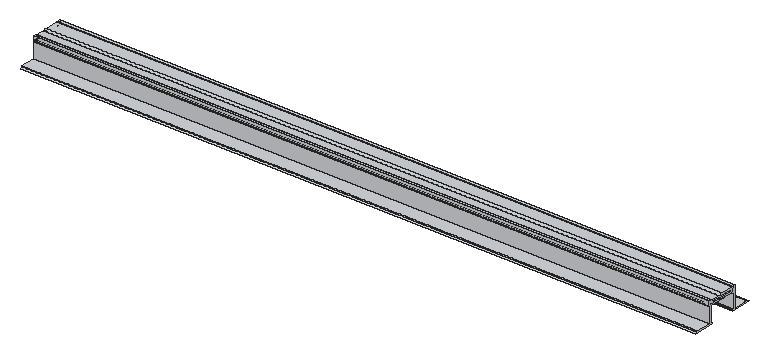
Revit family "NJunta Pro Metal 100", category Modelos genéricos, Revit 2024
Family settings
  Puede alojar armadura = No
  Cota de conector redondo = Usar diámetro
  Tipo de pieza = Normal
  Corte con vacíos al cargar = No
  Mantener orientación de anotación = No
  Compartido = No
  Punto de cálculo de habitación = No
Parameters
  Posición Junta [instance] = Enrasada/Perimetral : Enrasada
  Perimetral [instance] = Enrasada/Perimetral : Perimetral
  Novojunta Pro Metal 100, a=100mm, h=80mm Perimetral [instance] = if(and(Posición Junta = Perimetral, Altura = Altura 80mm), 1 = 1, 1 = 0)  # no
  Novojunta Pro Metal 100, a=100mm, h=50mm Perimetral [instance] = if(and(Posición Junta = Perimetral, Altura = Altura 50mm), 1 = 1, 1 = 0)  # no
  Novojunta Pro Metal 100, a=100mm, h=35mm Perimetral [instance] = if(and(Posición Junta = Perimetral, Altura = Altura 35mm), 1 = 1, 1 = 0)  # no
  Novojunta Pro Metal 100, a=100mm, h=80mm Enrasada [instance] = if(and(Posición Junta = Enrasada, Altura = Altura 80mm), 1 = 1, 1 = 0)  # yes
  Novojunta Pro Metal 100, a=100mm, h=50mm  Enrasada [instance] = if(and(Posición Junta = Enrasada, Altura = Altura 50mm), 1 = 1, 1 = 0)  # no
  Novojunta Pro Metal 100, a=100mm, h=35mm Enrasada [instance] = if(and(Posición Junta = Enrasada, Altura = Altura 35mm), 1 = 1, 1 = 0)  # no
  Novojunta Pro Metal 100, a=100mm, h=22mm Perimetral [instance] = if(and(Posición Junta = Perimetral, Altura = Altura 22mm), 1 = 1, 1 = 0)  # no
  Novojunta Pro Metal 100, a=100mm, h=22mm Enrasada [instance] = if(and(Posición Junta = Enrasada, Altura = Altura 22mm), 1 = 1, 1 = 0)  # no
  built-in parameter 1001306 [instance] = 2500 mm
  Enrasada [instance] = Enrasada/Perimetral : Enrasada
  Default Elevation = 0 mm
  Anchura [instance] = 100 mm
  Altura 80mm [instance] = Altura : Altura 80mm
  Altura 50mm [instance] = Altura : Altura 50mm
  Altura 35mm [instance] = Altura : Altura 35mm
  Altura 22mm [instance] = Altura : Altura 22mm
  Altura [instance] = Altura : Altura 80mm
Reference planes
  plane 1 "Center (Front/Back)": y = 0
  plane 2: z = 0
  plane 3 "Left": x = 0
  plane 4 "Right": x = 2500
Forms (mm)
  Extrusion 1, solid, visible <- "Novojunta Pro Metal 100, a=100mm, h=22mm Perimetral"
    sketch origin (0, 63.79, -36.355) x (0, 1, 0) y (0, 0, 1)
      loop
        line (-3.037, 29.501) -> (-8.537, 29.501)
        arc (-8.537, 29.501) -> (-14.91, 27.501) -> (-8.537, 25.501) r 3.5
        line (-8.537, 25.501) -> (-3.037, 25.501)
        arc (-3.037, 25.501) -> (-6.185, 20.66) -> (-11.684, 18.898) r 8.608
        line (-11.684, 18.898) -> (-11.684, 17.598) -> (-7.537, 14.801) -> (60.054, 14.801) -> (54.963, 17.601) -> (0.963, 17.601) -> (0.963, 36.801) -> (-9.062, 36.801)
        arc (-9.062, 36.801) -> (-9.557, 36.366) -> (-9.191, 35.818) r 0.5
        arc (-9.191, 35.818) -> (-5.244, 33.507) -> (-3.037, 29.501) r 8.608
      loop
        arc (-103.172, 35.894) -> (-107.102, 35.174) -> (-110.256, 32.721) r 8.408
        line (-110.256, 32.721) -> (-105.781, 30.536)
        arc (-105.781, 30.536) -> (-99.965, 27.499) -> (-105.783, 24.467) r 3.7
        line (-105.783, 24.467) -> (-110.26, 22.286)
        arc (-110.26, 22.286) -> (-107.379, 19.958) -> (-103.777, 19.094) r 8.408
        line (-103.777, 19.094) -> (-51.788, 18.628)
        arc (-51.788, 18.628) -> (-48.256, 19.169) -> (-44.799, 20.067) r 35
        arc (-44.799, 20.067) -> (-44.514, 20.458) -> (-44.901, 20.748) r 0.344
        line (-44.901, 20.748) -> (-94.874, 23.686) -> (-94.51, 29.875) -> (-43.598, 26.882) -> (-43.275, 32.372) -> (-103.172, 35.894)
      loop
        arc (-11.903, 19.108) -> (-7.973, 19.828) -> (-4.819, 22.281) r 8.408
        line (-4.819, 22.281) -> (-9.294, 24.466)
        arc (-9.294, 24.466) -> (-15.11, 27.503) -> (-9.291, 30.535) r 3.7
        line (-9.291, 30.535) -> (-4.814, 32.716)
        arc (-4.814, 32.716) -> (-7.695, 35.044) -> (-11.297, 35.908) r 8.408
        line (-11.297, 35.908) -> (-63.287, 36.374)
        arc (-63.287, 36.374) -> (-66.818, 35.833) -> (-70.276, 34.935) r 35
        arc (-70.276, 34.935) -> (-70.561, 34.544) -> (-70.173, 34.254) r 0.344
        line (-70.173, 34.254) -> (-20.207, 31.216) -> (-20.559, 25.226) -> (-71.471, 28.22) -> (-71.8, 22.63) -> (-11.903, 19.108)
      loop
        arc (-113.537, 83.895) -> (-114.125, 86.277) -> (-115.754, 88.113) r 5.122
        arc (-115.754, 88.113) -> (-116.27, 88.144) -> (-116.537, 87.701) r 0.5
        line (-116.537, 87.701) -> (-116.537, 18.201) -> (-106.013, 18.201)
        arc (-106.013, 18.201) -> (-105.517, 18.636) -> (-105.884, 19.184) r 0.5
        arc (-105.884, 19.184) -> (-109.831, 21.495) -> (-112.037, 25.501) r 8.608
        line (-112.037, 25.501) -> (-106.537, 25.501)
        arc (-106.537, 25.501) -> (-100.165, 27.501) -> (-106.537, 29.501) r 3.5
        line (-106.537, 29.501) -> (-112.037, 29.501)
        arc (-112.037, 29.501) -> (-109.833, 33.506) -> (-105.888, 35.817) r 8.608
        arc (-105.888, 35.817) -> (-105.522, 36.365) -> (-106.017, 36.8) r 0.5
        line (-106.017, 36.8) -> (-112.537, 36.8) -> (-113.537, 37.8) -> (-113.537, 83.895)
    from 0 to 2500
  Extrusion 2, solid, visible <- "Novojunta Pro Metal 100, a=100mm, h=22mm Enrasada"
    sketch origin (0, 63.79, -36.355) x (0, 1, 0) y (0, 0, 1)
      loop
        line (-3.037, 29.501) -> (-8.537, 29.501)
        arc (-8.537, 29.501) -> (-14.91, 27.501) -> (-8.537, 25.501) r 3.5
        line (-8.537, 25.501) -> (-3.037, 25.501)
        arc (-3.037, 25.501) -> (-6.185, 20.66) -> (-11.684, 18.898) r 8.608
        line (-11.684, 18.898) -> (-11.684, 17.598) -> (-7.537, 14.801) -> (60.054, 14.801) -> (54.963, 17.601) -> (0.963, 17.601) -> (0.963, 36.801) -> (-9.062, 36.801)
        arc (-9.062, 36.801) -> (-9.557, 36.366) -> (-9.191, 35.818) r 0.5
        arc (-9.191, 35.818) -> (-5.244, 33.507) -> (-3.037, 29.501) r 8.608
      loop
        arc (-105.884, 35.818) -> (-105.517, 36.366) -> (-106.013, 36.801) r 0.5
        line (-106.013, 36.801) -> (-116.037, 36.801) -> (-116.037, 17.601) -> (-170.037, 17.601) -> (-175.128, 14.801) -> (-107.537, 14.801) -> (-103.39, 17.598) -> (-103.39, 18.898)
        arc (-103.39, 18.898) -> (-108.889, 20.66) -> (-112.037, 25.501) r 8.608
        line (-112.037, 25.501) -> (-106.537, 25.501)
        arc (-106.537, 25.501) -> (-100.165, 27.501) -> (-106.537, 29.501) r 3.5
        line (-106.537, 29.501) -> (-112.037, 29.501)
        arc (-112.037, 29.501) -> (-109.831, 33.507) -> (-105.884, 35.818) r 8.608
      loop
        arc (-103.172, 35.894) -> (-107.102, 35.174) -> (-110.256, 32.721) r 8.408
        line (-110.256, 32.721) -> (-105.781, 30.536)
        arc (-105.781, 30.536) -> (-99.965, 27.499) -> (-105.783, 24.467) r 3.7
        line (-105.783, 24.467) -> (-110.26, 22.286)
        arc (-110.26, 22.286) -> (-107.379, 19.958) -> (-103.777, 19.094) r 8.408
        line (-103.777, 19.094) -> (-51.788, 18.628)
        arc (-51.788, 18.628) -> (-48.256, 19.169) -> (-44.799, 20.067) r 35
        arc (-44.799, 20.067) -> (-44.514, 20.458) -> (-44.901, 20.748) r 0.344
        line (-44.901, 20.748) -> (-94.874, 23.686) -> (-94.51, 29.875) -> (-43.598, 26.882) -> (-43.275, 32.372) -> (-103.172, 35.894)
      loop
        arc (-11.903, 19.108) -> (-7.973, 19.828) -> (-4.819, 22.281) r 8.408
        line (-4.819, 22.281) -> (-9.294, 24.466)
        arc (-9.294, 24.466) -> (-15.11, 27.503) -> (-9.291, 30.535) r 3.7
        line (-9.291, 30.535) -> (-4.814, 32.716)
        arc (-4.814, 32.716) -> (-7.695, 35.044) -> (-11.297, 35.908) r 8.408
        line (-11.297, 35.908) -> (-63.287, 36.374)
        arc (-63.287, 36.374) -> (-66.818, 35.833) -> (-70.276, 34.935) r 35
        arc (-70.276, 34.935) -> (-70.561, 34.544) -> (-70.173, 34.254) r 0.344
        line (-70.173, 34.254) -> (-20.207, 31.216) -> (-20.559, 25.226) -> (-71.471, 28.22) -> (-71.8, 22.63) -> (-11.903, 19.108)
    from 0 to 2500
  Extrusion 3, solid, visible <- "Novojunta Pro Metal 100, a=100mm, h=35mm Perimetral"
    sketch origin (0, 81.878, -12.682) x (0, 1, 0) y (0, 0, 1)
      loop
        line (-23.625, -9.42) -> (-23.625, -18.072) -> (-26.425, -19.772) -> (-26.425, -21.872) -> (44.775, -21.872) -> (38.775, -18.872) -> (-18.425, -18.872) -> (-20.425, -16.872) -> (-20.425, -7.19)
        arc (-20.425, -7.19) -> (-20.3, -6.412) -> (-19.941, -5.712) r 2.5
        line (-19.941, -5.712) -> (-17.609, -2.532)
        arc (-17.609, -2.532) -> (-17.249, -1.831) -> (-17.125, -1.053) r 2.5
        line (-17.125, -1.053) -> (-17.125, 13.128) -> (-27.649, 13.128)
        arc (-27.649, 13.128) -> (-28.145, 12.693) -> (-27.778, 12.145) r 0.5
        arc (-27.778, 12.145) -> (-23.831, 9.835) -> (-21.625, 5.828) r 8.608
        line (-21.625, 5.828) -> (-27.125, 5.828)
        arc (-27.125, 5.828) -> (-33.497, 3.828) -> (-27.125, 1.828) r 3.5
        line (-27.125, 1.828) -> (-21.625, 1.828)
        arc (-21.625, 1.828) -> (-24.287, -2.613) -> (-29.016, -4.723) r 8.608
        arc (-29.016, -4.723) -> (-29.702, -5.331) -> (-29.368, -6.184) r 0.8
        line (-29.368, -6.184) -> (-25.04, -7.507)
        arc (-25.04, -7.507) -> (-24.017, -8.23) -> (-23.625, -9.42) r 2
      loop
        arc (-30.487, -4.565) -> (-26.557, -3.844) -> (-23.404, -1.389) r 8.408
        line (-23.404, -1.389) -> (-27.88, 0.794)
        arc (-27.88, 0.794) -> (-33.697, 3.829) -> (-27.88, 6.863) r 3.7
        line (-27.88, 6.863) -> (-23.404, 9.046)
        arc (-23.404, 9.046) -> (-26.286, 11.373) -> (-29.888, 12.236) r 8.408
        line (-29.888, 12.236) -> (-81.878, 12.682)
        arc (-81.878, 12.682) -> (-85.409, 12.14) -> (-88.866, 11.24) r 35
        arc (-88.866, 11.24) -> (-89.151, 10.849) -> (-88.763, 10.559) r 0.344
        line (-88.763, 10.559) -> (-38.789, 7.64) -> (-39.145, 1.55) -> (-90.064, 4.425) -> (-90.385, -1.066) -> (-30.487, -4.565)
      loop
        arc (-122.362, 12.222) -> (-126.292, 11.5) -> (-129.445, 9.046) r 8.408
        line (-129.445, 9.046) -> (-124.969, 6.863)
        arc (-124.969, 6.863) -> (-119.152, 3.828) -> (-124.969, 0.794) r 3.7
        line (-124.969, 0.794) -> (-129.445, -1.389)
        arc (-129.445, -1.389) -> (-126.564, -3.716) -> (-122.961, -4.579) r 8.408
        line (-122.961, -4.579) -> (-70.971, -5.025)
        arc (-70.971, -5.025) -> (-67.44, -4.483) -> (-63.983, -3.584) r 35
        arc (-63.983, -3.584) -> (-63.698, -3.192) -> (-64.086, -2.903) r 0.344
        line (-64.086, -2.903) -> (-114.06, 0.017) -> (-113.704, 6.107) -> (-62.791, 3.132) -> (-62.464, 8.722) -> (-122.362, 12.222)
      loop
        arc (-132.725, 60.222) -> (-133.312, 62.604) -> (-134.941, 64.44) r 5.122
        arc (-134.941, 64.44) -> (-135.457, 64.471) -> (-135.725, 64.028) r 0.5
        line (-135.725, 64.028) -> (-135.725, -5.472) -> (-125.2, -5.472)
        arc (-125.2, -5.472) -> (-124.704, -5.037) -> (-125.071, -4.489) r 0.5
        arc (-125.071, -4.489) -> (-129.018, -2.178) -> (-131.225, 1.828) r 8.608
        line (-131.225, 1.828) -> (-125.725, 1.828)
        arc (-125.725, 1.828) -> (-119.352, 3.828) -> (-125.725, 5.828) r 3.5
        line (-125.725, 5.828) -> (-131.225, 5.828)
        arc (-131.225, 5.828) -> (-129.02, 9.833) -> (-125.075, 12.144) r 8.608
        arc (-125.075, 12.144) -> (-124.709, 12.692) -> (-125.205, 13.127) r 0.5
        line (-125.205, 13.127) -> (-131.725, 13.127) -> (-132.725, 14.127) -> (-132.725, 60.222)
    from 0 to 2500
  Extrusion 4, solid, visible <- "Novojunta Pro Metal 100, a=100mm, h=35mm Enrasada"
    sketch origin (0, 81.878, -12.682) x (0, 1, 0) y (0, 0, 1)
      loop
        line (-23.625, -9.42) -> (-23.625, -18.072) -> (-26.425, -19.772) -> (-26.425, -21.872) -> (44.775, -21.872) -> (38.775, -18.872) -> (-18.425, -18.872) -> (-20.425, -16.872) -> (-20.425, -7.19)
        arc (-20.425, -7.19) -> (-20.3, -6.412) -> (-19.941, -5.712) r 2.5
        line (-19.941, -5.712) -> (-17.609, -2.532)
        arc (-17.609, -2.532) -> (-17.249, -1.831) -> (-17.125, -1.053) r 2.5
        line (-17.125, -1.053) -> (-17.125, 13.128) -> (-27.649, 13.128)
        arc (-27.649, 13.128) -> (-28.145, 12.693) -> (-27.778, 12.145) r 0.5
        arc (-27.778, 12.145) -> (-23.831, 9.835) -> (-21.625, 5.828) r 8.608
        line (-21.625, 5.828) -> (-27.125, 5.828)
        arc (-27.125, 5.828) -> (-33.497, 3.828) -> (-27.125, 1.828) r 3.5
        line (-27.125, 1.828) -> (-21.625, 1.828)
        arc (-21.625, 1.828) -> (-24.287, -2.613) -> (-29.016, -4.723) r 8.608
        arc (-29.016, -4.723) -> (-29.702, -5.331) -> (-29.368, -6.184) r 0.8
        line (-29.368, -6.184) -> (-25.04, -7.507)
        arc (-25.04, -7.507) -> (-24.017, -8.23) -> (-23.625, -9.42) r 2
      loop
        arc (-123.482, -6.184) -> (-123.147, -5.331) -> (-123.833, -4.723) r 0.8
        arc (-123.833, -4.723) -> (-128.562, -2.613) -> (-131.225, 1.828) r 8.608
        line (-131.225, 1.828) -> (-125.725, 1.828)
        arc (-125.725, 1.828) -> (-119.352, 3.828) -> (-125.725, 5.828) r 3.5
        line (-125.725, 5.828) -> (-131.225, 5.828)
        arc (-131.225, 5.828) -> (-129.018, 9.835) -> (-125.071, 12.145) r 8.608
        arc (-125.071, 12.145) -> (-124.704, 12.693) -> (-125.2, 13.128) r 0.5
        line (-125.2, 13.128) -> (-135.725, 13.128) -> (-135.725, -1.053)
        arc (-135.725, -1.053) -> (-135.6, -1.831) -> (-135.241, -2.532) r 2.5
        line (-135.241, -2.532) -> (-132.909, -5.712)
        arc (-132.909, -5.712) -> (-132.549, -6.412) -> (-132.425, -7.19) r 2.5
        line (-132.425, -7.19) -> (-132.425, -16.872) -> (-134.425, -18.872) -> (-191.625, -18.872) -> (-197.625, -21.872) -> (-126.425, -21.872) -> (-126.425, -19.772) -> (-129.225, -18.072) -> (-129.225, -9.42)
        arc (-129.225, -9.42) -> (-128.832, -8.23) -> (-127.809, -7.507) r 2
        line (-127.809, -7.507) -> (-123.482, -6.184)
      loop
        arc (-30.487, -4.565) -> (-26.557, -3.844) -> (-23.404, -1.389) r 8.408
        line (-23.404, -1.389) -> (-27.88, 0.794)
        arc (-27.88, 0.794) -> (-33.697, 3.829) -> (-27.88, 6.863) r 3.7
        line (-27.88, 6.863) -> (-23.404, 9.046)
        arc (-23.404, 9.046) -> (-26.286, 11.373) -> (-29.888, 12.236) r 8.408
        line (-29.888, 12.236) -> (-81.878, 12.682)
        arc (-81.878, 12.682) -> (-85.409, 12.14) -> (-88.866, 11.24) r 35
        arc (-88.866, 11.24) -> (-89.151, 10.849) -> (-88.763, 10.559) r 0.344
        line (-88.763, 10.559) -> (-38.795, 7.54) -> (-39.145, 1.55) -> (-90.058, 4.525) -> (-90.385, -1.066) -> (-30.487, -4.565)
      loop
        arc (-122.362, 12.222) -> (-126.292, 11.5) -> (-129.445, 9.046) r 8.408
        line (-129.445, 9.046) -> (-124.969, 6.863)
        arc (-124.969, 6.863) -> (-119.152, 3.828) -> (-124.969, 0.794) r 3.7
        line (-124.969, 0.794) -> (-129.445, -1.389)
        arc (-129.445, -1.389) -> (-126.564, -3.716) -> (-122.961, -4.579) r 8.408
        line (-122.961, -4.579) -> (-70.971, -5.025)
        arc (-70.971, -5.025) -> (-67.44, -4.483) -> (-63.983, -3.584) r 35
        arc (-63.983, -3.584) -> (-63.698, -3.192) -> (-64.086, -2.903) r 0.344
        line (-64.086, -2.903) -> (-114.06, 0.017) -> (-113.698, 6.206) -> (-62.791, 3.132) -> (-62.464, 8.722) -> (-122.362, 12.222)
    from 0 to 2500
  Extrusion 5, solid, visible <- "Novojunta Pro Metal 100, a=100mm, h=50mm Perimetral"
    sketch origin (0, 66.283, -24.272) x (0, 1, 0) y (0, 0, 1)
      loop
        arc (-107.887, 5.406) -> (-107.553, 6.259) -> (-108.239, 6.867) r 0.8
        arc (-108.239, 6.867) -> (-112.968, 8.977) -> (-115.63, 13.418) r 8.608
        line (-115.63, 13.418) -> (-110.13, 13.418)
        arc (-110.13, 13.418) -> (-103.758, 15.418) -> (-110.13, 17.418) r 3.5
        line (-110.13, 17.418) -> (-115.63, 17.418)
        arc (-115.63, 17.418) -> (-113.424, 21.425) -> (-109.477, 23.735) r 8.608
        arc (-109.477, 23.735) -> (-109.11, 24.283) -> (-109.606, 24.718) r 0.5
        line (-109.606, 24.718) -> (-120.13, 24.718) -> (-120.13, 10.475)
        arc (-120.13, 10.475) -> (-120.023, 9.751) -> (-119.71, 9.088) r 2.5
        line (-119.71, 9.088) -> (-117.55, 5.848)
        arc (-117.55, 5.848) -> (-117.238, 5.186) -> (-117.13, 4.461) r 2.5
        line (-117.13, 4.461) -> (-117.13, -20.282) -> (-119.13, -22.282) -> (-176.03, -22.282) -> (-182.03, -25.282) -> (-110.83, -25.282) -> (-110.83, -23.182) -> (-113.63, -21.482) -> (-113.63, 2.17)
        arc (-113.63, 2.17) -> (-113.238, 3.36) -> (-112.215, 4.082) r 2
        line (-112.215, 4.082) -> (-107.887, 5.406)
      loop
        arc (-14.893, 7.025) -> (-10.963, 7.746) -> (-7.81, 10.201) r 8.408
        line (-7.81, 10.201) -> (-12.286, 12.384)
        arc (-12.286, 12.384) -> (-18.103, 15.419) -> (-12.285, 18.453) r 3.7
        line (-12.285, 18.453) -> (-7.809, 20.636)
        arc (-7.809, 20.636) -> (-10.691, 22.963) -> (-14.293, 23.825) r 8.408
        line (-14.293, 23.825) -> (-66.283, 24.272)
        arc (-66.283, 24.272) -> (-69.814, 23.73) -> (-73.272, 22.83) r 35
        arc (-73.272, 22.83) -> (-73.557, 22.439) -> (-73.169, 22.149) r 0.344
        line (-73.169, 22.149) -> (-23.195, 19.23) -> (-23.557, 13.04) -> (-74.464, 16.115) -> (-74.791, 10.524) -> (-14.893, 7.025)
      loop
        arc (-106.768, 23.812) -> (-110.698, 23.09) -> (-113.851, 20.636) r 8.408
        line (-113.851, 20.636) -> (-109.375, 18.453)
        arc (-109.375, 18.453) -> (-103.558, 15.418) -> (-109.375, 12.384) r 3.7
        line (-109.375, 12.384) -> (-113.851, 10.201)
        arc (-113.851, 10.201) -> (-110.969, 7.874) -> (-107.367, 7.011) r 8.408
        line (-107.367, 7.011) -> (-55.377, 6.565)
        arc (-55.377, 6.565) -> (-51.846, 7.107) -> (-48.389, 8.006) r 35
        arc (-48.389, 8.006) -> (-48.104, 8.398) -> (-48.492, 8.687) r 0.344
        line (-48.492, 8.687) -> (-98.465, 11.607) -> (-98.11, 17.696) -> (-47.196, 14.722) -> (-46.87, 20.312) -> (-106.768, 23.812)
      loop
        arc (-12.05, 24.717) -> (-12.546, 24.282) -> (-12.179, 23.734) r 0.5
        arc (-12.179, 23.734) -> (-8.235, 21.423) -> (-6.03, 17.418) r 8.608
        line (-6.03, 17.418) -> (-11.53, 17.418)
        arc (-11.53, 17.418) -> (-17.903, 15.418) -> (-11.53, 13.418) r 3.5
        line (-11.53, 13.418) -> (-6.03, 13.418)
        arc (-6.03, 13.418) -> (-8.237, 9.412) -> (-12.184, 7.101) r 8.608
        arc (-12.184, 7.101) -> (-12.55, 6.553) -> (-12.055, 6.118) r 0.5
        line (-12.055, 6.118) -> (-1.53, 6.118) -> (-1.53, 75.618)
        arc (-1.53, 75.618) -> (-1.798, 76.061) -> (-2.314, 76.03) r 0.5
        arc (-2.314, 76.03) -> (-3.942, 74.194) -> (-4.53, 71.812) r 5.122
        line (-4.53, 71.812) -> (-4.53, 25.717) -> (-5.53, 24.717) -> (-12.05, 24.717)
    from 0 to 2500
  Extrusion 6, solid, visible <- "Novojunta Pro Metal 100, a=100mm, h=50mm  Enrasada"
    sketch origin (0, 66.283, -24.272) x (0, 1, 0) y (0, 0, 1)
      loop
        line (-8.03, 2.17) -> (-8.03, -21.482) -> (-10.83, -23.182) -> (-10.83, -25.282) -> (60.37, -25.282) -> (54.37, -22.282) -> (-2.53, -22.282) -> (-4.53, -20.282) -> (-4.53, 4.461)
        arc (-4.53, 4.461) -> (-4.423, 5.186) -> (-4.11, 5.848) r 2.5
        line (-4.11, 5.848) -> (-1.95, 9.088)
        arc (-1.95, 9.088) -> (-1.638, 9.751) -> (-1.53, 10.475) r 2.5
        line (-1.53, 10.475) -> (-1.53, 24.718) -> (-12.055, 24.718)
        arc (-12.055, 24.718) -> (-12.55, 24.283) -> (-12.184, 23.735) r 0.5
        arc (-12.184, 23.735) -> (-8.237, 21.425) -> (-6.03, 17.418) r 8.608
        line (-6.03, 17.418) -> (-11.53, 17.418)
        arc (-11.53, 17.418) -> (-17.903, 15.418) -> (-11.53, 13.418) r 3.5
        line (-11.53, 13.418) -> (-6.03, 13.418)
        arc (-6.03, 13.418) -> (-8.693, 8.977) -> (-13.421, 6.867) r 8.608
        arc (-13.421, 6.867) -> (-14.104, 6.345) -> (-14.045, 5.489) r 0.906
        line (-14.045, 5.489) -> (-9.446, 4.082)
        arc (-9.446, 4.082) -> (-8.423, 3.36) -> (-8.03, 2.17) r 2
      loop
        arc (-107.615, 5.489) -> (-107.557, 6.345) -> (-108.239, 6.867) r 0.906
        arc (-108.239, 6.867) -> (-112.968, 8.977) -> (-115.63, 13.418) r 8.608
        line (-115.63, 13.418) -> (-110.13, 13.418)
        arc (-110.13, 13.418) -> (-103.758, 15.418) -> (-110.13, 17.418) r 3.5
        line (-110.13, 17.418) -> (-115.63, 17.418)
        arc (-115.63, 17.418) -> (-113.424, 21.425) -> (-109.477, 23.735) r 8.608
        arc (-109.477, 23.735) -> (-109.11, 24.283) -> (-109.606, 24.718) r 0.5
        line (-109.606, 24.718) -> (-120.13, 24.718) -> (-120.13, 10.475)
        arc (-120.13, 10.475) -> (-120.023, 9.751) -> (-119.71, 9.088) r 2.5
        line (-119.71, 9.088) -> (-117.55, 5.848)
        arc (-117.55, 5.848) -> (-117.238, 5.186) -> (-117.13, 4.461) r 2.5
        line (-117.13, 4.461) -> (-117.13, -20.282) -> (-119.13, -22.282) -> (-176.03, -22.282) -> (-182.03, -25.282) -> (-110.83, -25.282) -> (-110.83, -23.182) -> (-113.63, -21.482) -> (-113.63, 2.17)
        arc (-113.63, 2.17) -> (-113.238, 3.36) -> (-112.215, 4.082) r 2
        line (-112.215, 4.082) -> (-107.615, 5.489)
      loop
        arc (-14.893, 7.025) -> (-10.963, 7.746) -> (-7.81, 10.201) r 8.408
        line (-7.81, 10.201) -> (-12.286, 12.384)
        arc (-12.286, 12.384) -> (-18.103, 15.419) -> (-12.285, 18.453) r 3.7
        line (-12.285, 18.453) -> (-7.809, 20.636)
        arc (-7.809, 20.636) -> (-10.692, 22.963) -> (-14.294, 23.825) r 8.408
        line (-14.294, 23.825) -> (-61.795, 24.438)
        arc (-61.795, 24.438) -> (-67.6, 24.113) -> (-73.272, 22.83) r 35
        arc (-73.272, 22.83) -> (-73.557, 22.439) -> (-73.169, 22.149) r 0.344
        line (-73.169, 22.149) -> (-23.195, 19.23) -> (-23.557, 13.04) -> (-74.47, 16.015) -> (-74.791, 10.524) -> (-14.893, 7.025)
      loop
        arc (-106.768, 23.812) -> (-110.698, 23.09) -> (-113.851, 20.636) r 8.408
        line (-113.851, 20.636) -> (-109.375, 18.453)
        arc (-109.375, 18.453) -> (-103.558, 15.418) -> (-109.375, 12.384) r 3.7
        line (-109.375, 12.384) -> (-113.851, 10.201)
        arc (-113.851, 10.201) -> (-110.969, 7.874) -> (-107.367, 7.011) r 8.408
        line (-107.367, 7.011) -> (-59.866, 6.398)
        arc (-59.866, 6.398) -> (-54.06, 6.724) -> (-48.389, 8.006) r 35
        arc (-48.389, 8.006) -> (-48.104, 8.398) -> (-48.492, 8.687) r 0.344
        line (-48.492, 8.687) -> (-98.465, 11.607) -> (-98.11, 17.696) -> (-47.196, 14.722) -> (-46.87, 20.312) -> (-106.768, 23.812)
    from 0 to 2500
  Extrusion 7, solid, visible <- "Novojunta Pro Metal 100, a=100mm, h=80mm Perimetral"
    sketch origin (0, 65.975, -43.028) x (0, 1, 0) y (0, 0, 1)
      loop
        arc (-11.746, 43.475) -> (-12.242, 43.04) -> (-11.875, 42.492) r 0.5
        arc (-11.875, 42.492) -> (-7.928, 40.181) -> (-5.722, 36.175) r 8.608
        line (-5.722, 36.175) -> (-11.222, 36.175)
        arc (-11.222, 36.175) -> (-17.594, 34.175) -> (-11.222, 32.175) r 3.5
        line (-11.222, 32.175) -> (-5.722, 32.175)
        arc (-5.722, 32.175) -> (-8.931, 27.288) -> (-14.522, 25.578) r 8.608
        line (-14.522, 25.578) -> (-14.522, 24.278) -> (-9.837, 22.845)
        arc (-9.837, 22.845) -> (-8.814, 22.122) -> (-8.422, 20.933) r 2
        line (-8.422, 20.933) -> (-8.422, -32.725) -> (-11.222, -34.425) -> (-11.222, -36.525) -> (59.625, -36.525) -> (53.978, -32.525) -> (50.978, -32.525) -> (-4.422, -32.525) -> (-4.422, 23.975) -> (-1.222, 28.475) -> (-1.222, 43.475) -> (-11.746, 43.475)
      loop
        arc (-14.577, 25.781) -> (-10.648, 26.506) -> (-7.497, 28.963) r 8.408
        line (-7.497, 28.963) -> (-11.975, 31.142)
        arc (-11.975, 31.142) -> (-17.794, 34.172) -> (-11.98, 37.211) r 3.7
        line (-11.98, 37.211) -> (-7.505, 39.398)
        arc (-7.505, 39.398) -> (-10.39, 41.723) -> (-13.993, 42.582) r 8.408
        line (-13.993, 42.582) -> (-62.489, 43.166)
        arc (-62.489, 43.166) -> (-67.791, 42.75) -> (-72.97, 41.536) r 35
        arc (-72.97, 41.536) -> (-73.254, 41.144) -> (-72.866, 40.855) r 0.344
        line (-72.866, 40.855) -> (-22.89, 37.979) -> (-23.241, 31.889) -> (-74.156, 34.819) -> (-74.478, 29.228) -> (-14.577, 25.781)
      loop
        arc (-107.866, 42.569) -> (-111.796, 41.844) -> (-114.947, 39.387) r 8.408
        line (-114.947, 39.387) -> (-110.469, 37.208)
        arc (-110.469, 37.208) -> (-104.65, 34.178) -> (-110.464, 31.139) r 3.7
        line (-110.464, 31.139) -> (-114.938, 28.952)
        arc (-114.938, 28.952) -> (-112.054, 26.627) -> (-108.451, 25.768) r 8.408
        line (-108.451, 25.768) -> (-61.837, 25.23)
        arc (-61.837, 25.23) -> (-55.585, 25.467) -> (-49.474, 26.814) r 35
        arc (-49.474, 26.814) -> (-49.189, 27.205) -> (-49.577, 27.495) r 0.344
        line (-49.577, 27.495) -> (-99.554, 30.371) -> (-99.197, 36.561) -> (-48.282, 33.63) -> (-47.966, 39.121) -> (-107.866, 42.569)
      loop
        arc (-118.222, 90.568) -> (-118.81, 92.951) -> (-120.438, 94.787) r 5.122
        arc (-120.438, 94.787) -> (-120.954, 94.818) -> (-121.222, 94.375) r 0.5
        line (-121.222, 94.375) -> (-121.222, 24.875) -> (-110.698, 24.875)
        arc (-110.698, 24.875) -> (-110.202, 25.31) -> (-110.569, 25.858) r 0.5
        arc (-110.569, 25.858) -> (-114.516, 28.169) -> (-116.722, 32.175) r 8.608
        line (-116.722, 32.175) -> (-111.222, 32.175)
        arc (-111.222, 32.175) -> (-104.85, 34.175) -> (-111.222, 36.175) r 3.5
        line (-111.222, 36.175) -> (-116.722, 36.175)
        arc (-116.722, 36.175) -> (-114.517, 40.18) -> (-110.573, 42.491) r 8.608
        arc (-110.573, 42.491) -> (-110.206, 43.039) -> (-110.702, 43.474) r 0.5
        line (-110.702, 43.474) -> (-117.222, 43.474) -> (-118.222, 44.474) -> (-118.222, 90.568)
    from 0 to 2500
  Extrusion 8, solid, visible <- "Novojunta Pro Metal 100, a=100mm, h=80mm Enrasada"
    sketch origin (0, 65.975, -43.028) x (0, 1, 0) y (0, 0, 1)
      loop
        arc (-11.746, 43.475) -> (-12.242, 43.04) -> (-11.875, 42.492) r 0.5
        arc (-11.875, 42.492) -> (-7.928, 40.181) -> (-5.722, 36.175) r 8.608
        line (-5.722, 36.175) -> (-11.222, 36.175)
        arc (-11.222, 36.175) -> (-17.594, 34.175) -> (-11.222, 32.175) r 3.5
        line (-11.222, 32.175) -> (-5.722, 32.175)
        arc (-5.722, 32.175) -> (-8.931, 27.288) -> (-14.522, 25.578) r 8.608
        line (-14.522, 25.578) -> (-14.522, 24.278) -> (-9.837, 22.845)
        arc (-9.837, 22.845) -> (-8.814, 22.122) -> (-8.422, 20.933) r 2
        line (-8.422, 20.933) -> (-8.422, -32.725) -> (-11.222, -34.425) -> (-11.222, -36.525) -> (59.625, -36.525) -> (53.978, -32.525) -> (50.978, -32.525) -> (-4.422, -32.525) -> (-4.422, 23.975) -> (-1.222, 28.475) -> (-1.222, 43.475) -> (-11.746, 43.475)
      loop
        line (-112.607, 22.845) -> (-107.922, 24.278) -> (-107.922, 25.578)
        arc (-107.922, 25.578) -> (-113.513, 27.288) -> (-116.722, 32.175) r 8.608
        line (-116.722, 32.175) -> (-111.222, 32.175)
        arc (-111.222, 32.175) -> (-104.85, 34.175) -> (-111.222, 36.175) r 3.5
        line (-111.222, 36.175) -> (-116.722, 36.175)
        arc (-116.722, 36.175) -> (-114.516, 40.181) -> (-110.569, 42.492) r 8.608
        arc (-110.569, 42.492) -> (-110.202, 43.04) -> (-110.698, 43.475) r 0.5
        line (-110.698, 43.475) -> (-121.222, 43.475) -> (-121.222, 28.475) -> (-118.022, 23.975) -> (-118.022, -32.525) -> (-173.422, -32.525) -> (-176.422, -32.525) -> (-182.069, -36.525) -> (-111.222, -36.525) -> (-111.222, -34.425) -> (-114.022, -32.725) -> (-114.022, 20.933)
        arc (-114.022, 20.933) -> (-113.63, 22.122) -> (-112.607, 22.845) r 2
      loop
        arc (-14.577, 25.781) -> (-10.648, 26.506) -> (-7.497, 28.963) r 8.408
        line (-7.497, 28.963) -> (-11.975, 31.142)
        arc (-11.975, 31.142) -> (-17.794, 34.172) -> (-11.98, 37.211) r 3.7
        line (-11.98, 37.211) -> (-7.505, 39.398)
        arc (-7.505, 39.398) -> (-10.39, 41.723) -> (-13.993, 42.582) r 8.408
        line (-13.993, 42.582) -> (-61.494, 43.154)
        arc (-61.494, 43.154) -> (-67.299, 42.823) -> (-72.97, 41.536) r 35
        arc (-72.97, 41.536) -> (-73.254, 41.144) -> (-72.866, 40.855) r 0.344
        line (-72.866, 40.855) -> (-22.89, 37.979) -> (-23.241, 31.889) -> (-74.156, 34.819) -> (-74.478, 29.228) -> (-14.577, 25.781)
      loop
        arc (-107.866, 42.569) -> (-111.796, 41.844) -> (-114.947, 39.387) r 8.408
        line (-114.947, 39.387) -> (-110.469, 37.208)
        arc (-110.469, 37.208) -> (-104.65, 34.178) -> (-110.464, 31.139) r 3.7
        line (-110.464, 31.139) -> (-114.938, 28.952)
        arc (-114.938, 28.952) -> (-112.054, 26.627) -> (-108.451, 25.768) r 8.408
        line (-108.451, 25.768) -> (-60.95, 25.196)
        arc (-60.95, 25.196) -> (-55.144, 25.527) -> (-49.474, 26.814) r 35
        arc (-49.474, 26.814) -> (-49.189, 27.205) -> (-49.577, 27.495) r 0.344
        line (-49.577, 27.495) -> (-99.554, 30.371) -> (-99.197, 36.561) -> (-48.282, 33.63) -> (-47.966, 39.121) -> (-107.866, 42.569)
    from 0 to 2500
Lines and regions (mm)
  reference lines
    curve 1: line (0, 0, 0) -> (2500, 0, 0)
Dimensions and locks
  "built-in parameter 1001306": plane 3 "Left" to plane 4 "Right"
  aligned and locked: plane 4 "Right" to curve 1
  aligned and locked: plane 1 "Center (Front/Back)" to curve 1
  aligned and locked: plane 3 "Left" to curve 1
  aligned and locked: level to plane 2
  aligned and locked: Extrusion 8 to curve 1
  aligned and locked: Extrusion 8 to plane 3 "Left"
  aligned and locked: Extrusion 7 to curve 1
  aligned and locked: Extrusion 7 to plane 3 "Left"
  aligned and locked: Extrusion 2 to curve 1
  aligned and locked: Extrusion 2 to plane 3 "Left"
  aligned and locked: Extrusion 3 to curve 1
  aligned and locked: Extrusion 3 to plane 3 "Left"
  aligned and locked: Extrusion 1 to curve 1
  aligned and locked: Extrusion 1 to plane 3 "Left"
  aligned and locked: Extrusion 4 to curve 1
  aligned and locked: Extrusion 4 to plane 3 "Left"
  aligned and locked: Extrusion 6 to curve 1
  aligned and locked: Extrusion 6 to plane 3 "Left"
  aligned and locked: Extrusion 5 to plane 3 "Left"
  aligned and locked: Extrusion 5 to curve 1
Automatic sketch dimensions
  Extrusion 1 sketch curve to Extrusion 1 sketch curve = 0 mm  (x22)
  Extrusion 1 sketch curve to Extrusion 1 sketch curve = 0.5 mm  (x3)
  Extrusion 1 sketch curve to Extrusion 1 sketch curve = 1 mm  (x2)
  Extrusion 1 sketch curve to level = 14.069 mm
  Extrusion 1 sketch curve to Extrusion 1 sketch curve = 1.777 mm
  Extrusion 1 sketch curve to level = 3.633 mm
  Extrusion 1 sketch curve to Extrusion 1 sketch curve = 1.781 mm
  Extrusion 1 sketch curve to Extrusion 1 sketch curve = 3.719 mm
  Extrusion 1 sketch curve to Extrusion 1 sketch curve = 4.239 mm
  Extrusion 1 sketch curve to Extrusion 1 sketch curve = 4.247 mm
  Extrusion 1 sketch curve to level = 11.887 mm
  Extrusion 1 sketch curve to Extrusion 1 sketch curve = 0.754 mm  (x2)
  Extrusion 1 sketch curve to level = 5.818 mm
  Extrusion 1 sketch curve to Extrusion 1 sketch curve = 0.757 mm  (x2)
  Extrusion 1 sketch curve to level = 17.261 mm
  Extrusion 1 sketch curve to Extrusion 1 sketch curve = 2.236 mm  (x2)
  Extrusion 1 sketch curve to level = 0.46 mm
  Extrusion 1 sketch curve to level = 12.668 mm
  Extrusion 1 sketch curve to Extrusion 1 sketch curve = 8.791 mm
  Extrusion 1 sketch curve to level = 6.479 mm
  Extrusion 1 sketch curve to Extrusion 1 sketch curve = 0.364 mm
  Extrusion 1 sketch curve to level = 13.725 mm
  Extrusion 1 sketch curve to Extrusion 1 sketch curve = 23.074 mm
  Extrusion 1 sketch curve to level = 8.134 mm
  Extrusion 1 sketch curve to Extrusion 1 sketch curve = 0.329 mm
  Extrusion 1 sketch curve to Extrusion 1 sketch curve = 1.25 mm
  Extrusion 1 sketch curve to level = 2.1 mm
  Extrusion 1 sketch curve to Extrusion 1 sketch curve = 0.047 mm  (x2)
  Extrusion 1 sketch curve to Extrusion 1 sketch curve = 6.934 mm
  Extrusion 1 sketch curve to level = 34.802 mm
  Extrusion 1 sketch curve to Extrusion 1 sketch curve = 12.039 mm
  Extrusion 1 sketch curve to Extrusion 1 sketch curve = 7.973 mm  (x2)
  Extrusion 1 sketch curve to level = 17.727 mm
  Extrusion 1 sketch curve to level = 15.607 mm
  Extrusion 1 sketch curve to level = 9.473 mm
  Extrusion 1 sketch curve to plane 1 "Center (Front/Back)" = 43.231 mm
  Extrusion 1 sketch curve to Extrusion 1 sketch curve = 0.352 mm
  Extrusion 1 sketch curve to Extrusion 1 sketch curve = 8.656 mm
  Extrusion 1 sketch curve to Extrusion 1 sketch curve = 0.219 mm
  Extrusion 1 sketch curve to Extrusion 1 sketch curve = 0.494 mm
  Extrusion 1 sketch curve to Extrusion 1 sketch curve = 0.112 mm
  Extrusion 1 sketch curve to Extrusion 1 sketch curve = 2.116 mm
  Extrusion 1 sketch curve to Extrusion 1 sketch curve = 2.118 mm
  Extrusion 1 sketch curve to Extrusion 1 sketch curve = 4.147 mm
  Extrusion 1 sketch curve to plane 1 "Center (Front/Back)" = 58.972 mm
  Extrusion 1 sketch curve to plane 1 "Center (Front/Back)" = 58.976 mm
  Extrusion 1 sketch curve to plane 1 "Center (Front/Back)" = 60.753 mm  (x2)
  Extrusion 1 sketch curve to plane 1 "Center (Front/Back)" = 64.753 mm
  Extrusion 1 sketch curve to level = 18.754 mm
  Extrusion 1 sketch curve to Extrusion 1 sketch curve = 54 mm
  Extrusion 1 sketch curve to Extrusion 1 sketch curve = 4.307 mm
  Extrusion 1 sketch curve to Extrusion 1 sketch curve = 1.51 mm
  Extrusion 1 sketch curve to Extrusion 1 sketch curve = 4.085 mm  (x2)
  Extrusion 1 sketch curve to Extrusion 1 sketch curve = 0.21 mm
  Extrusion 1 sketch curve to Extrusion 1 sketch curve = 0.341 mm  (x2)
  Extrusion 1 sketch curve to Extrusion 1 sketch curve = 4.68 mm
  Extrusion 1 sketch curve to Extrusion 1 sketch curve = 1.035 mm
  Extrusion 1 sketch curve to Extrusion 1 sketch curve = 1.034 mm
  Extrusion 1 sketch curve to Extrusion 1 sketch curve = 3.215 mm
  Extrusion 1 sketch curve to Extrusion 1 sketch curve = 0.405 mm
  Extrusion 1 sketch curve to Extrusion 1 sketch curve = 0.393 mm
  Extrusion 1 sketch curve to Extrusion 1 sketch curve = 1.779 mm
  Extrusion 1 sketch curve to Extrusion 1 sketch curve = 4.079 mm
  Extrusion 1 sketch curve to Extrusion 1 sketch curve = 17.075 mm
  Extrusion 1 sketch curve to Extrusion 1 sketch curve = 46.095 mm
  Extrusion 1 sketch curve to Extrusion 1 sketch curve = 3.806 mm
  Extrusion 1 sketch curve to Extrusion 1 sketch curve = 5.091 mm
  Extrusion 1 sketch curve to level = 21.554 mm
  Extrusion 1 sketch curve to Extrusion 1 sketch curve = 2.5 mm
  Extrusion 1 sketch curve to Extrusion 1 sketch curve = 2.122 mm
  Extrusion 2 sketch curve to Extrusion 2 sketch curve = 0 mm  (x22)
  Extrusion 2 sketch curve to level = 18.754 mm  (x2)
  Extrusion 2 sketch curve to Extrusion 2 sketch curve = 54 mm  (x2)
  Extrusion 2 sketch curve to Extrusion 2 sketch curve = 4 mm
  Extrusion 2 sketch curve to level = 14.069 mm
  Extrusion 2 sketch curve to Extrusion 2 sketch curve = 1.777 mm
  Extrusion 2 sketch curve to level = 3.633 mm
  Extrusion 2 sketch curve to Extrusion 2 sketch curve = 1.781 mm
  Extrusion 2 sketch curve to Extrusion 2 sketch curve = 2.723 mm
  Extrusion 2 sketch curve to Extrusion 2 sketch curve = 3.723 mm
  Extrusion 2 sketch curve to Extrusion 2 sketch curve = 4.243 mm
  Extrusion 2 sketch curve to level = 11.887 mm
  Extrusion 2 sketch curve to Extrusion 2 sketch curve = 0.754 mm  (x2)
  Extrusion 2 sketch curve to level = 5.818 mm
  Extrusion 2 sketch curve to Extrusion 2 sketch curve = 0.757 mm  (x2)
  Extrusion 2 sketch curve to level = 17.261 mm
  Extrusion 2 sketch curve to Extrusion 2 sketch curve = 3.76 mm
  Extrusion 2 sketch curve to Extrusion 2 sketch curve = 0.387 mm
  Extrusion 2 sketch curve to level = 0.46 mm
  Extrusion 2 sketch curve to level = 12.668 mm
  Extrusion 2 sketch curve to Extrusion 2 sketch curve = 8.791 mm
  Extrusion 2 sketch curve to level = 6.479 mm
  Extrusion 2 sketch curve to Extrusion 2 sketch curve = 0.364 mm
  Extrusion 2 sketch curve to level = 13.725 mm
  Extrusion 2 sketch curve to Extrusion 2 sketch curve = 23.074 mm
  Extrusion 2 sketch curve to level = 8.134 mm
  Extrusion 2 sketch curve to Extrusion 2 sketch curve = 0.329 mm
  Extrusion 2 sketch curve to Extrusion 2 sketch curve = 1.25 mm
  Extrusion 2 sketch curve to level = 2.1 mm
  Extrusion 2 sketch curve to Extrusion 2 sketch curve = 0.047 mm  (x2)
  Extrusion 2 sketch curve to Extrusion 2 sketch curve = 6.934 mm
  Extrusion 2 sketch curve to level = 34.802 mm
  Extrusion 2 sketch curve to Extrusion 2 sketch curve = 12.039 mm
  Extrusion 2 sketch curve to Extrusion 2 sketch curve = 7.973 mm  (x2)
  Extrusion 2 sketch curve to level = 17.727 mm
  Extrusion 2 sketch curve to level = 15.607 mm
  Extrusion 2 sketch curve to level = 9.473 mm
  Extrusion 2 sketch curve to plane 1 "Center (Front/Back)" = 43.231 mm
  Extrusion 2 sketch curve to Extrusion 2 sketch curve = 0.352 mm
  Extrusion 2 sketch curve to Extrusion 2 sketch curve = 8.656 mm
  Extrusion 2 sketch curve to Extrusion 2 sketch curve = 0.219 mm
  Extrusion 2 sketch curve to Extrusion 2 sketch curve = 0.494 mm
  Extrusion 2 sketch curve to Extrusion 2 sketch curve = 0.112 mm
  Extrusion 2 sketch curve to Extrusion 2 sketch curve = 2.116 mm
  Extrusion 2 sketch curve to Extrusion 2 sketch curve = 2.118 mm
  Extrusion 2 sketch curve to Extrusion 2 sketch curve = 2.236 mm
  Extrusion 2 sketch curve to Extrusion 2 sketch curve = 4.147 mm
  Extrusion 2 sketch curve to plane 1 "Center (Front/Back)" = 58.972 mm
  Extrusion 2 sketch curve to plane 1 "Center (Front/Back)" = 58.976 mm
  Extrusion 2 sketch curve to plane 1 "Center (Front/Back)" = 60.753 mm  (x2)
  Extrusion 2 sketch curve to plane 1 "Center (Front/Back)" = 64.753 mm
  Extrusion 2 sketch curve to Extrusion 2 sketch curve = 4.307 mm
  Extrusion 2 sketch curve to Extrusion 2 sketch curve = 2.797 mm
  Extrusion 2 sketch curve to Extrusion 2 sketch curve = 1.51 mm
  Extrusion 2 sketch curve to Extrusion 2 sketch curve = 0.21 mm
  Extrusion 2 sketch curve to Extrusion 2 sketch curve = 0.196 mm
  Extrusion 2 sketch curve to Extrusion 2 sketch curve = 0.341 mm  (x2)
  Extrusion 2 sketch curve to Extrusion 2 sketch curve = 4.68 mm
  Extrusion 2 sketch curve to Extrusion 2 sketch curve = 1.035 mm
  Extrusion 2 sketch curve to Extrusion 2 sketch curve = 3.215 mm
  Extrusion 2 sketch curve to Extrusion 2 sketch curve = 0.407 mm
  Extrusion 2 sketch curve to Extrusion 2 sketch curve = 0.393 mm
  Extrusion 2 sketch curve to Extrusion 2 sketch curve = 1.779 mm
  Extrusion 2 sketch curve to Extrusion 2 sketch curve = 0.5 mm
  Extrusion 2 sketch curve to Extrusion 2 sketch curve = 4.085 mm
  Extrusion 2 sketch curve to Extrusion 2 sketch curve = 17.075 mm
  Extrusion 2 sketch curve to level = 21.554 mm  (x2)
  Extrusion 2 sketch curve to Extrusion 2 sketch curve = 5.091 mm  (x2)
  Extrusion 3 sketch curve to Extrusion 3 sketch curve = 0 mm  (x23)
  plane 1 "Center (Front/Back)" to Extrusion 3 sketch curve = 55.969 mm
  Extrusion 3 sketch curve to Extrusion 3 sketch curve = 0.5 mm  (x3)
  level to Extrusion 3 sketch curve = 1.445 mm
  Extrusion 3 sketch curve to Extrusion 3 sketch curve = 1 mm
  Extrusion 3 sketch curve to level = 10.854 mm  (x2)
  Extrusion 3 sketch curve to level = 14.071 mm  (x2)
  Extrusion 3 sketch curve to Extrusion 3 sketch curve = 1.779 mm  (x4)
  Extrusion 3 sketch curve to level = 3.636 mm  (x2)
  Extrusion 3 sketch curve to Extrusion 3 sketch curve = 3.721 mm
  Extrusion 3 sketch curve to Extrusion 3 sketch curve = 4.241 mm
  Extrusion 3 sketch curve to Extrusion 3 sketch curve = 4.245 mm
  Extrusion 3 sketch curve to level = 11.888 mm  (x2)
  Extrusion 3 sketch curve to Extrusion 3 sketch curve = 0.755 mm  (x4)
  Extrusion 3 sketch curve to level = 5.819 mm
  Extrusion 3 sketch curve to level = 17.261 mm
  Extrusion 3 sketch curve to Extrusion 3 sketch curve = 2.239 mm  (x2)
  Extrusion 3 sketch curve to level = 0.46 mm
  Extrusion 3 sketch curve to level = 12.665 mm
  Extrusion 3 sketch curve to Extrusion 3 sketch curve = 8.793 mm
  Extrusion 3 sketch curve to level = 6.575 mm
  Extrusion 3 sketch curve to Extrusion 3 sketch curve = 0.356 mm
  Extrusion 3 sketch curve to level = 13.748 mm
  Extrusion 3 sketch curve to Extrusion 3 sketch curve = 23.675 mm
  Extrusion 3 sketch curve to level = 8.257 mm
  Extrusion 3 sketch curve to Extrusion 3 sketch curve = 0.321 mm
  Extrusion 3 sketch curve to Extrusion 3 sketch curve = 1.254 mm
  Extrusion 3 sketch curve to level = 2.122 mm
  Extrusion 3 sketch curve to Extrusion 3 sketch curve = 0.047 mm  (x2)
  level to Extrusion 3 sketch curve = 0 mm
  Extrusion 3 sketch curve to Extrusion 3 sketch curve = 6.933 mm
  Extrusion 3 sketch curve to Extrusion 3 sketch curve = 12.047 mm
  Extrusion 3 sketch curve to Extrusion 3 sketch curve = 7.366 mm  (x2)
  Extrusion 3 sketch curve to level = 17.707 mm
  Extrusion 3 sketch curve to level = 15.585 mm
  Extrusion 3 sketch curve to level = 9.55 mm
  Extrusion 3 sketch curve to level = 11.132 mm
  Extrusion 3 sketch curve to Extrusion 3 sketch curve = 23.645 mm
  Extrusion 3 sketch curve to level = 5.042 mm
  Extrusion 3 sketch curve to level = 17.247 mm
  Extrusion 3 sketch curve to Extrusion 3 sketch curve = 0.49 mm
  Extrusion 3 sketch curve to level = 0.446 mm
  Extrusion 3 sketch curve to Extrusion 3 sketch curve = 0.109 mm
  Extrusion 3 sketch curve to Extrusion 3 sketch curve = 1.563 mm
  Extrusion 3 sketch curve to Extrusion 3 sketch curve = 2.117 mm  (x2)
  Extrusion 3 sketch curve to Extrusion 3 sketch curve = 2.5 mm
  Extrusion 3 sketch curve to Extrusion 3 sketch curve = 3.3 mm
  Extrusion 3 sketch curve to level = 20.189 mm
  Extrusion 3 sketch curve to Extrusion 3 sketch curve = 0.585 mm
  Extrusion 3 sketch curve to Extrusion 3 sketch curve = 2 mm  (x4)
  Extrusion 3 sketch curve to Extrusion 3 sketch curve = 3.2 mm
  Extrusion 3 sketch curve to level = 18.394 mm
  Extrusion 3 sketch curve to Extrusion 3 sketch curve = 0.484 mm
  Extrusion 3 sketch curve to level = 13.735 mm
  Extrusion 3 sketch curve to Extrusion 3 sketch curve = 2.016 mm  (x2)
  Extrusion 3 sketch curve to level = 15.214 mm
  Extrusion 3 sketch curve to level = 31.554 mm
  Extrusion 3 sketch curve to plane 1 "Center (Front/Back)" = 120.653 mm
  Extrusion 3 sketch curve to Extrusion 3 sketch curve = 2.1 mm
  Extrusion 3 sketch curve to Extrusion 3 sketch curve = 17.113 mm  (x2)
  Extrusion 3 sketch curve to Extrusion 3 sketch curve = 1.7 mm
  Extrusion 3 sketch curve to Extrusion 3 sketch curve = 0.953 mm
  Extrusion 3 sketch curve to Extrusion 3 sketch curve = 0.341 mm  (x2)
  Extrusion 3 sketch curve to Extrusion 3 sketch curve = 0.405 mm
  Extrusion 3 sketch curve to Extrusion 3 sketch curve = 0.393 mm
  Extrusion 3 sketch curve to Extrusion 3 sketch curve = 4.083 mm
  Extrusion 3 sketch curve to Extrusion 3 sketch curve = 46.095 mm
  Extrusion 3 sketch curve to Extrusion 3 sketch curve = 3.806 mm
  Extrusion 3 sketch curve to Extrusion 3 sketch curve = 0.443 mm
  Extrusion 3 sketch curve to level = 18.866 mm
  Extrusion 3 sketch curve to Extrusion 3 sketch curve = 6 mm
  Extrusion 3 sketch curve to Extrusion 3 sketch curve = 3 mm  (x2)
  Extrusion 3 sketch curve to Extrusion 3 sketch curve = 2.122 mm
  Extrusion 3 sketch curve to Extrusion 3 sketch curve = 4.5 mm
  Extrusion 3 sketch curve to level = 18.154 mm
  Extrusion 4 sketch curve to Extrusion 4 sketch curve = 0 mm  (x24)
  Extrusion 4 sketch curve to level = 31.554 mm  (x2)
  plane 1 "Center (Front/Back)" to Extrusion 4 sketch curve = 109.747 mm
  level to Extrusion 4 sketch curve = 0.446 mm
  Extrusion 4 sketch curve to Extrusion 4 sketch curve = 55.9 mm
  Extrusion 4 sketch curve to level = 15.214 mm  (x2)
  Extrusion 4 sketch curve to Extrusion 4 sketch curve = 0.484 mm  (x2)
  Extrusion 4 sketch curve to Extrusion 4 sketch curve = 0.316 mm
  Extrusion 4 sketch curve to Extrusion 4 sketch curve = 0.5 mm  (x3)
  Extrusion 4 sketch curve to level = 13.735 mm  (x2)
  Extrusion 4 sketch curve to level = 18.394 mm  (x2)
  Extrusion 4 sketch curve to Extrusion 4 sketch curve = 2.016 mm  (x3)
  Extrusion 4 sketch curve to level = 29.554 mm
  Extrusion 4 sketch curve to Extrusion 4 sketch curve = 2 mm  (x5)
  Extrusion 4 sketch curve to level = 10.854 mm  (x2)
  Extrusion 4 sketch curve to level = 14.071 mm  (x2)
  Extrusion 4 sketch curve to Extrusion 4 sketch curve = 1.779 mm  (x4)
  Extrusion 4 sketch curve to level = 3.636 mm  (x2)
  Extrusion 4 sketch curve to level = 30.754 mm
  Extrusion 4 sketch curve to Extrusion 4 sketch curve = 3.2 mm  (x2)
  Extrusion 4 sketch curve to level = 20.189 mm
  Extrusion 4 sketch curve to Extrusion 4 sketch curve = 1.415 mm
  Extrusion 4 sketch curve to Extrusion 4 sketch curve = 0.585 mm  (x2)
  Extrusion 4 sketch curve to Extrusion 4 sketch curve = 2.8 mm  (x2)
  Extrusion 4 sketch curve to Extrusion 4 sketch curve = 3.721 mm  (x2)
  Extrusion 4 sketch curve to Extrusion 4 sketch curve = 4.245 mm
  Extrusion 4 sketch curve to level = 11.888 mm  (x2)
  Extrusion 4 sketch curve to Extrusion 4 sketch curve = 0.755 mm  (x4)
  Extrusion 4 sketch curve to Extrusion 4 sketch curve = 3.885 mm
  Extrusion 4 sketch curve to level = 17.261 mm
  Extrusion 4 sketch curve to Extrusion 4 sketch curve = 0.963 mm
  Extrusion 4 sketch curve to level = 0.46 mm
  Extrusion 4 sketch curve to level = 12.665 mm
  Extrusion 4 sketch curve to Extrusion 4 sketch curve = 8.793 mm
  Extrusion 4 sketch curve to level = 6.476 mm
  Extrusion 4 sketch curve to Extrusion 4 sketch curve = 0.362 mm
  Extrusion 4 sketch curve to level = 13.748 mm
  Extrusion 4 sketch curve to Extrusion 4 sketch curve = 23.675 mm
  Extrusion 4 sketch curve to level = 8.157 mm
  Extrusion 4 sketch curve to Extrusion 4 sketch curve = 0.327 mm
  Extrusion 4 sketch curve to Extrusion 4 sketch curve = 1.248 mm
  Extrusion 4 sketch curve to level = 2.122 mm
  Extrusion 4 sketch curve to Extrusion 4 sketch curve = 0.047 mm  (x2)
  level to Extrusion 4 sketch curve = 0 mm
  Extrusion 4 sketch curve to Extrusion 4 sketch curve = 6.933 mm
  Extrusion 4 sketch curve to Extrusion 4 sketch curve = 12.047 mm
  Extrusion 4 sketch curve to Extrusion 4 sketch curve = 7.366 mm  (x2)
  Extrusion 4 sketch curve to level = 17.707 mm
  Extrusion 4 sketch curve to level = 15.585 mm
  Extrusion 4 sketch curve to level = 9.55 mm
  Extrusion 4 sketch curve to Extrusion 4 sketch curve = 1.295 mm
  Extrusion 4 sketch curve to level = 3.959 mm
  Extrusion 4 sketch curve to level = 11.132 mm
  Extrusion 4 sketch curve to level = 5.142 mm
  Extrusion 4 sketch curve to level = 8.854 mm
  Extrusion 4 sketch curve to level = 0.446 mm
  Extrusion 4 sketch curve to Extrusion 4 sketch curve = 0.109 mm
  Extrusion 4 sketch curve to Extrusion 4 sketch curve = 1.072 mm
  Extrusion 4 sketch curve to Extrusion 4 sketch curve = 2.117 mm
  Extrusion 4 sketch curve to level = 5.819 mm
  Extrusion 4 sketch curve to Extrusion 4 sketch curve = 2.239 mm
  Extrusion 4 sketch curve to Extrusion 4 sketch curve = 2.5 mm
  Extrusion 4 sketch curve to Extrusion 4 sketch curve = 3.3 mm
  Extrusion 4 sketch curve to plane 1 "Center (Front/Back)" = 120.653 mm
  Extrusion 4 sketch curve to Extrusion 4 sketch curve = 1.7 mm  (x2)
  Extrusion 4 sketch curve to Extrusion 4 sketch curve = 0.9 mm
  Extrusion 4 sketch curve to Extrusion 4 sketch curve = 2.1 mm  (x2)
  Extrusion 4 sketch curve to Extrusion 4 sketch curve = 17.113 mm  (x2)
  Extrusion 4 sketch curve to Extrusion 4 sketch curve = 0.939 mm
  Extrusion 4 sketch curve to Extrusion 4 sketch curve = 1.989 mm
  Extrusion 4 sketch curve to Extrusion 4 sketch curve = 0.341 mm  (x2)
  Extrusion 4 sketch curve to Extrusion 4 sketch curve = 0.393 mm
  Extrusion 4 sketch curve to Extrusion 4 sketch curve = 6 mm  (x2)
  Extrusion 4 sketch curve to level = 18.866 mm  (x2)
  Extrusion 4 sketch curve to level = 17.247 mm
  Extrusion 4 sketch curve to Extrusion 4 sketch curve = 0.443 mm  (x2)
  Extrusion 5 sketch curve to Extrusion 5 sketch curve = 0 mm  (x22)
  Extrusion 5 sketch curve to level = 46.554 mm
  plane 1 "Center (Front/Back)" to Extrusion 5 sketch curve = 109.747 mm
  level to Extrusion 5 sketch curve = 0.446 mm
  Extrusion 5 sketch curve to Extrusion 5 sketch curve = 55.9 mm
  Extrusion 5 sketch curve to level = 15.183 mm
  Extrusion 5 sketch curve to Extrusion 5 sketch curve = 0.42 mm  (x2)
  Extrusion 5 sketch curve to Extrusion 5 sketch curve = 0.08 mm
  Extrusion 5 sketch curve to Extrusion 5 sketch curve = 0.5 mm  (x3)
  Extrusion 5 sketch curve to Extrusion 5 sketch curve = 2.5 mm
  Extrusion 5 sketch curve to level = 18.424 mm
  Extrusion 5 sketch curve to Extrusion 5 sketch curve = 2.08 mm
  Extrusion 5 sketch curve to Extrusion 5 sketch curve = 2 mm  (x3)
  Extrusion 5 sketch curve to level = 14.071 mm
  Extrusion 5 sketch curve to Extrusion 5 sketch curve = 1.779 mm  (x4)
  Extrusion 5 sketch curve to level = 3.636 mm
  Extrusion 5 sketch curve to Extrusion 5 sketch curve = 3.5 mm
  Extrusion 5 sketch curve to level = 20.189 mm
  Extrusion 5 sketch curve to Extrusion 5 sketch curve = 1.415 mm
  Extrusion 5 sketch curve to Extrusion 5 sketch curve = 0.585 mm
  Extrusion 5 sketch curve to Extrusion 5 sketch curve = 2.8 mm
  Extrusion 5 sketch curve to Extrusion 5 sketch curve = 3.721 mm  (x3)
  Extrusion 5 sketch curve to Extrusion 5 sketch curve = 4.245 mm
  Extrusion 5 sketch curve to level = 11.888 mm
  Extrusion 5 sketch curve to Extrusion 5 sketch curve = 0.755 mm  (x4)
  Extrusion 5 sketch curve to Extrusion 5 sketch curve = 3.885 mm
  Extrusion 5 sketch curve to level = 17.261 mm
  Extrusion 5 sketch curve to Extrusion 5 sketch curve = 0.963 mm
  Extrusion 5 sketch curve to level = 0.46 mm
  Extrusion 5 sketch curve to level = 12.665 mm
  Extrusion 5 sketch curve to Extrusion 5 sketch curve = 8.793 mm
  Extrusion 5 sketch curve to level = 6.575 mm
  Extrusion 5 sketch curve to Extrusion 5 sketch curve = 0.356 mm
  Extrusion 5 sketch curve to level = 13.748 mm
  Extrusion 5 sketch curve to Extrusion 5 sketch curve = 23.675 mm
  Extrusion 5 sketch curve to level = 8.157 mm
  Extrusion 5 sketch curve to Extrusion 5 sketch curve = 0.327 mm
  Extrusion 5 sketch curve to Extrusion 5 sketch curve = 1.248 mm
  Extrusion 5 sketch curve to level = 2.122 mm
  Extrusion 5 sketch curve to Extrusion 5 sketch curve = 0.047 mm  (x2)
  level to Extrusion 5 sketch curve = 0 mm
  Extrusion 5 sketch curve to Extrusion 5 sketch curve = 6.933 mm
  Extrusion 5 sketch curve to Extrusion 5 sketch curve = 12.047 mm
  Extrusion 5 sketch curve to Extrusion 5 sketch curve = 7.366 mm  (x2)
  Extrusion 5 sketch curve to level = 17.707 mm
  Extrusion 5 sketch curve to level = 15.585 mm
  Extrusion 5 sketch curve to level = 9.55 mm
  Extrusion 5 sketch curve to plane 1 "Center (Front/Back)" = 42.726 mm
  Extrusion 5 sketch curve to level = 5.042 mm
  Extrusion 5 sketch curve to Extrusion 5 sketch curve = 0.362 mm
  Extrusion 5 sketch curve to level = 17.247 mm
  Extrusion 5 sketch curve to Extrusion 5 sketch curve = 0.49 mm
  Extrusion 5 sketch curve to Extrusion 5 sketch curve = 0.109 mm
  Extrusion 5 sketch curve to Extrusion 5 sketch curve = 2.117 mm  (x2)
  Extrusion 5 sketch curve to Extrusion 5 sketch curve = 2.838 mm
  Extrusion 5 sketch curve to Extrusion 5 sketch curve = 2.243 mm
  Extrusion 5 sketch curve to Extrusion 5 sketch curve = 2.279 mm
  Extrusion 5 sketch curve to plane 1 "Center (Front/Back)" = 61.753 mm
  Extrusion 5 sketch curve to plane 1 "Center (Front/Back)" = 64.253 mm
  Extrusion 5 sketch curve to plane 1 "Center (Front/Back)" = 66.875 mm
  Extrusion 5 sketch curve to Extrusion 5 sketch curve = 0.9 mm
  Extrusion 5 sketch curve to Extrusion 5 sketch curve = 2.1 mm
  Extrusion 5 sketch curve to Extrusion 5 sketch curve = 1.7 mm
  Extrusion 5 sketch curve to level = 34.821 mm
  Extrusion 5 sketch curve to Extrusion 5 sketch curve = 0.939 mm
  Extrusion 5 sketch curve to Extrusion 5 sketch curve = 0.906 mm
  Extrusion 5 sketch curve to Extrusion 5 sketch curve = 0.341 mm  (x2)
  Extrusion 5 sketch curve to Extrusion 5 sketch curve = 3.582 mm
  Extrusion 5 sketch curve to Extrusion 5 sketch curve = 3.035 mm
  Extrusion 5 sketch curve to Extrusion 5 sketch curve = 1.035 mm
  Extrusion 5 sketch curve to Extrusion 5 sketch curve = 2.943 mm
  Extrusion 5 sketch curve to Extrusion 5 sketch curve = 3.217 mm
  Extrusion 5 sketch curve to Extrusion 5 sketch curve = 0.392 mm
  Extrusion 5 sketch curve to Extrusion 5 sketch curve = 4.081 mm
  Extrusion 5 sketch curve to Extrusion 5 sketch curve = 1 mm
  Extrusion 5 sketch curve to Extrusion 5 sketch curve = 17.113 mm
  Extrusion 5 sketch curve to Extrusion 5 sketch curve = 46.095 mm
  Extrusion 5 sketch curve to Extrusion 5 sketch curve = 3.806 mm
  Extrusion 5 sketch curve to Extrusion 5 sketch curve = 6 mm
  Extrusion 5 sketch curve to level = 18.866 mm
  Extrusion 5 sketch curve to Extrusion 5 sketch curve = 0.443 mm
  Extrusion 5 sketch curve to plane 1 "Center (Front/Back)" = 64.753 mm
  Extrusion 6 sketch curve to Extrusion 6 sketch curve = 0 mm  (x22)
  Extrusion 6 sketch curve to level = 46.554 mm  (x2)
  level to Extrusion 6 sketch curve = 0.446 mm
  Extrusion 6 sketch curve to Extrusion 6 sketch curve = 55.9 mm
  Extrusion 6 sketch curve to level = 15.183 mm
  Extrusion 6 sketch curve to Extrusion 6 sketch curve = 0.42 mm  (x3)
  Extrusion 6 sketch curve to Extrusion 6 sketch curve = 0.08 mm
  Extrusion 6 sketch curve to Extrusion 6 sketch curve = 0.5 mm  (x2)
  Extrusion 6 sketch curve to Extrusion 6 sketch curve = 2.08 mm  (x2)
  Extrusion 6 sketch curve to level = 18.424 mm
  Extrusion 6 sketch curve to level = 44.554 mm
  Extrusion 6 sketch curve to Extrusion 6 sketch curve = 2 mm  (x4)
  Extrusion 6 sketch curve to level = 14.071 mm
  Extrusion 6 sketch curve to Extrusion 6 sketch curve = 1.779 mm  (x4)
  Extrusion 6 sketch curve to level = 3.636 mm
  Extrusion 6 sketch curve to Extrusion 6 sketch curve = 3.5 mm  (x2)
  Extrusion 6 sketch curve to level = 20.189 mm  (x2)
  Extrusion 6 sketch curve to Extrusion 6 sketch curve = 1.415 mm
  Extrusion 6 sketch curve to Extrusion 6 sketch curve = 0.585 mm  (x2)
  Extrusion 6 sketch curve to Extrusion 6 sketch curve = 2.8 mm  (x2)
  Extrusion 6 sketch curve to Extrusion 6 sketch curve = 3.721 mm  (x3)
  Extrusion 6 sketch curve to Extrusion 6 sketch curve = 4.245 mm
  Extrusion 6 sketch curve to level = 11.888 mm
  Extrusion 6 sketch curve to Extrusion 6 sketch curve = 0.755 mm  (x4)
  Extrusion 6 sketch curve to Extrusion 6 sketch curve = 3.833 mm
  Extrusion 6 sketch curve to level = 17.261 mm
  Extrusion 6 sketch curve to Extrusion 6 sketch curve = 1.016 mm
  Extrusion 6 sketch curve to level = 0.46 mm
  Extrusion 6 sketch curve to level = 12.665 mm
  Extrusion 6 sketch curve to Extrusion 6 sketch curve = 8.793 mm
  Extrusion 6 sketch curve to level = 6.575 mm
